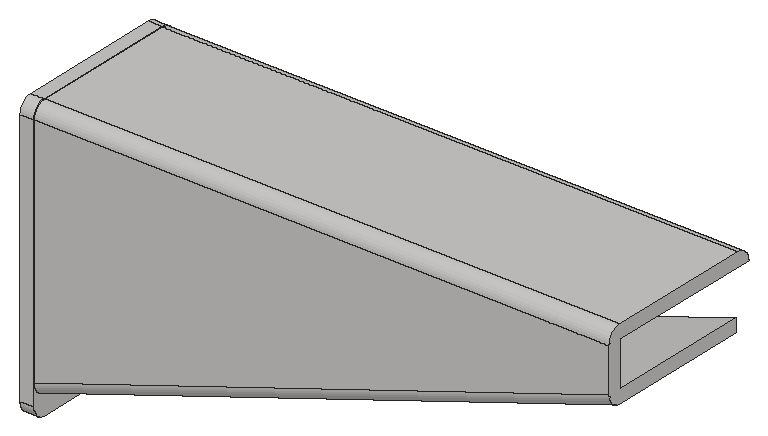
Revit family "E_Cable Tray Support_MEPcontent_OBO Bettermann_Bracket MWAM FS", category Cable Tray Fittings, Revit 2015
Parameters (values of type "MWAM 12 11 FS")
  Wholesaler Art. No. = ""
  Wholesaler = ""
  Watermarked By = "www.stabiplan.com"
  Width 1 = 110.00 mm
  Width = Width 1  # 110 mm
  URL = "www.stabiplan.com"
  built-in parameter 1140111 [instance] = 2.50 mm  # 0.0082021 (stored number, unit not read)
  Stabu Code = ""
  Revit Version = "2015"  # constant formula
  MEPcontent Class = "CABLE_TRAY_SUPPORT"  # constant formula
  Internal Art. No. = ""
  IFCExportType = "NOTDEFINED"  # constant formula
  IFCExportAs = "IfcCableCarrierFittingType"  # constant formula
  Function Code [instance] = ""
  Front Height = Height / 4  # 13.25 mm
  Family Version = "10.14"  # constant formula
  ETIM Article Class = "EC000022"  # constant formula
  EMCS Version = "2.0"  # constant formula
  Copyright = "© Stabiplan International BV"  # constant formula
  Content Supplier URL = ""
  CB-NL Class = ""
  Article Type = if(and(Width = 110.00 mm, Height = 53.00 mm), "MWAM 12 11 FS", if(and(Width = 210.00 mm, Height = 65.00 mm), "MWAM 12 21 FS", if(and(Width = 310.00 mm, Height = 75.00 mm), "MWAM 12 31 FS", if(and(Width = 410.00 mm, Height = 83.00 mm), "MWAM 12 41 FS", "Unknown"))))  # "MWAM 12 11 FS"
  Product Line = "OBO BETTERMANN CableTrays"  # constant formula
  Model = if(and(Width = 110.00 mm, Height = 53.00 mm), "MWAM 12 11 FS", if(and(Width = 210.00 mm, Height = 65.00 mm), "MWAM 12 21 FS", if(and(Width = 310.00 mm, Height = 75.00 mm), "MWAM 12 31 FS", if(and(Width = 410.00 mm, Height = 83.00 mm), "MWAM 12 41 FS", "Unknown"))))  # "MWAM 12 11 FS"
  Manufacturer = "OBO BETTERMANN"  # constant formula
  Custom [instance] = if(and(Width = 110.00 mm, Height = 53.00 mm), 1 = 0, if(and(Width = 210.00 mm, Height = 65.00 mm), 1 = 0, if(and(Width = 310.00 mm, Height = 75.00 mm), 1 = 0, if(and(Width = 410.00 mm, Height = 83.00 mm), 1 = 0, 1 = 1))))  # no
  Height 1 = 53.00 mm
  Height = Height 1  # 53 mm
  GTIN = if(and(Width = 110.00 mm, Height = 53.00 mm), "4012195438526", if(and(Width = 210.00 mm, Height = 65.00 mm), "4012195438533", if(and(Width = 310.00 mm, Height = 75.00 mm), "4012195438540", if(and(Width = 410.00 mm, Height = 83.00 mm), "4012195438571", "Unknown"))))  # "4012195438526"
  Description = "Wall Bracket"  # constant formula
  Depth = 32.50 mm
  Manufacturer URL = "http://catalog4.obo-bettermann.com/catalogue/catalogue.do?forward=showProductGroup&act=showIO&favOid=kts_222050&action=showManyProducts&lang=nl&OID=kts_222050&catId="
  Gray = Color RGB 189-187-185
  Manufacturer Art. No. = if(and(Width = 110.00 mm, Height = 53.00 mm), "6424550", if(and(Width = 210.00 mm, Height = 65.00 mm), "6424552", if(and(Width = 310.00 mm, Height = 75.00 mm), "6424554", if(and(Width = 410.00 mm, Height = 83.00 mm), "6424556", "Unknown"))))  # "6424550"
  Article Description = "Wall Bracket"  # constant formula
Types (4, lengths in mm): name | Width 1 | Width | Front Height | Article Type | Model | Height 1 | Height | GTIN | Depth | Manufacturer Art. No.
  MWAM 12 11 FS | 110.00 | 110 | 13.25 | "MWAM 12 11 FS" | "MWAM 12 11 FS" | 53.00 | 53 | "4012195438526" | 32.50 | "6424550"
  MWAM 12 21 FS | 210.00 | 210 | 16.25 | "MWAM 12 21 FS" | "MWAM 12 21 FS" | 65.00 | 65 | "4012195438533" | 32.50 | "6424552"
  MWAM 12 31 FS | 310.00 | 310 | 18.75 | "MWAM 12 31 FS" | "MWAM 12 31 FS" | 75.00 | 75 | "4012195438540" | 38.00 | "6424554"
  MWAM 12 41 FS | 410.00 | 410 | 20.75 | "MWAM 12 41 FS" | "MWAM 12 41 FS" | 83.00 | 83 | "4012195438571" | 38.00 | "6424556"
Reference planes
  plane 1 "Center (Front/Back)": y = 0
  plane 2: z = 0
  plane 3 "Center (Left/Right)": x = 0
  plane 4: y = 16.25
  plane 5: y = -16.25
  plane 6: x = 110
  plane 7: x = 2.5
  plane 8: z = 26.5
  plane 9: z = -26.5
  plane 10: z = -22.5
  plane 11: z = 13.25
Forms (mm)
  Extrusion 1, solid, material "Color RGB 189-187-185" <- "Gray", detail levels medium+fine
    sketch origin (0, 0, 0) x (0, 1, 0) y (0, 0, 1)
      loop
        line (13.75, 26.5) -> (-13.75, 26.5)
        arc (-13.75, 26.5) -> (-15.518, 25.768) -> (-16.25, 24) r 2.5
        line (-16.25, 24) -> (-16.25, -24)
        arc (-16.25, -24) -> (-15.518, -25.768) -> (-13.75, -26.5) r 2.5
        line (-13.75, -26.5) -> (13.75, -26.5)
        arc (13.75, -26.5) -> (15.518, -25.768) -> (16.25, -24) r 2.5
        line (16.25, -24) -> (16.25, 24)
        arc (16.25, 24) -> (15.518, 25.768) -> (13.75, 26.5) r 2.5
    from 0 to 2.5
  SweptBlend 2, solid, material "Color RGB 189-187-185" <- "Gray", detail levels medium+fine
    path origin (0, 0, 0) x (1, 0, 0) y (0, 0, 1)
      loop
        line (2.5, 0) -> (110, 0)
    profile origin (2.5, 0, 0) x (0, 0, 1) y (0, -1, 0)
      loop
        line (-22.5, -13.25) -> (-20, -13.25) -> (-20, 13.75) -> (24, 13.75) -> (24, -16.25)
        arc (24, -16.25) -> (25.768, -15.518) -> (26.5, -13.75) r 2.5
        line (26.5, -13.75) -> (26.5, 13.75)
        arc (26.5, 13.75) -> (25.768, 15.518) -> (24, 16.25) r 2.5
        line (24, 16.25) -> (-20, 16.25)
        arc (-20, 16.25) -> (-21.768, 15.518) -> (-22.5, 13.75) r 2.5
        line (-22.5, 13.75) -> (-22.5, -13.25)
    end profile origin (110, 0, 0) x (0, 0, 1) y (0, -1, 0)
      loop
        line (13.25, -13.25) -> (15.75, -13.25) -> (15.75, 13.75) -> (24, 13.75) -> (24, -16.25)
        arc (24, -16.25) -> (25.768, -15.518) -> (26.5, -13.75) r 2.5
        line (26.5, -13.75) -> (26.5, 13.75)
        arc (26.5, 13.75) -> (25.768, 15.518) -> (24, 16.25) r 2.5
        line (24, 16.25) -> (15.75, 16.25)
        arc (15.75, 16.25) -> (13.982, 15.518) -> (13.25, 13.75) r 2.5
        line (13.25, 13.75) -> (13.25, -13.25)
Lines and regions (mm)
  model lines, style "Fittings", detail levels coarse
    curve 1: line (0, 0, 26.5) -> (110, 0, 26.5)
    curve 2: line (0, 0, 26.5) -> (0, 0, -26.5)
Dimensions and locks
  equal spacing: plane 4, plane 1 "Center (Front/Back)", plane 5
  "Depth": plane 4 to plane 5
  "Width": plane 6 to plane 3 "Center (Left/Right)"
  locked: plane 7 to plane 3 "Center (Left/Right)" at 2.5
  "Height": plane 8 to plane 9
  equal spacing: plane 8, level, plane 9
  locked: plane 10 to plane 9 at 4
  locked: Extrusion 1 to SweptBlend 2 sketch curve at 3
  locked: SweptBlend 2 sketch curve to plane 5 at 2.5  (x2)
  locked: plane 8 to SweptBlend 2 sketch curve at 2.5  (x2)
  locked: SweptBlend 2 sketch curve to plane 10 at 2.5
  locked: plane 4 to SweptBlend 2 sketch curve at 2.5
  "Front Height": plane 8 to plane 11
  locked: SweptBlend 2 sketch curve to plane 11 at 2.5
  locked: plane 4 to SweptBlend 2 sketch curve at 3
  radius of Extrusion 1 sketch curve = 2.50 mm  (x4)
  radius of SweptBlend 2 sketch curve = 2.50 mm  (x6)
  aligned and locked: level to plane 2
  aligned and locked: plane 8 to Extrusion 1 sketch curve
  aligned and locked: Extrusion 1 sketch curve to plane 4
  aligned and locked: Extrusion 1 sketch curve to plane 9
  aligned and locked: Extrusion 1 sketch curve to plane 5
  aligned and locked: plane 7 to Extrusion 1
  aligned and locked: plane 6 to SweptBlend 2 sketch curve
  aligned and locked: plane 7 to SweptBlend 2 sketch curve
  aligned and locked: SweptBlend 2 sketch curve to plane 2
  aligned and locked: plane 10 to SweptBlend 2 sketch curve
  aligned and locked: plane 5 to SweptBlend 2 sketch curve
  aligned and locked: SweptBlend 2 sketch curve to plane 8
  aligned and locked: plane 4 to SweptBlend 2 sketch curve
  aligned and locked: curve 2 to Extrusion 1
  aligned and locked: plane 8 to curve 2
  aligned and locked: plane 9 to curve 2
Automatic sketch dimensions
  curve 1 to plane 6 = 0.00 mm
  SweptBlend 2 sketch curve to plane 11 = 0.00 mm
  SweptBlend 2 sketch curve to SweptBlend 2 sketch curve = 0.50 mm
  SweptBlend 2 sketch curve to SweptBlend 2 sketch curve = 0.00 mm
